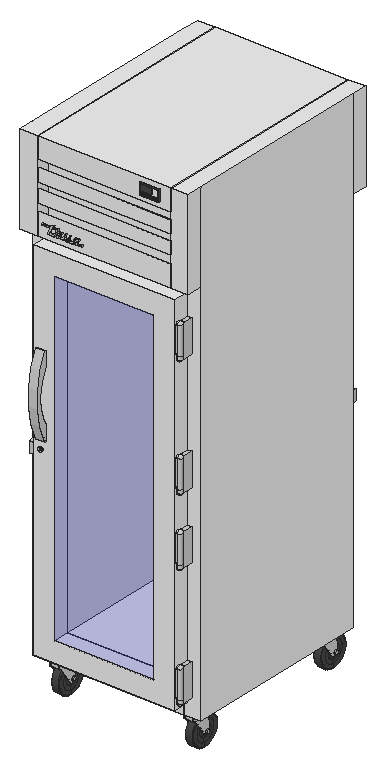
Revit family (continued)
Automatic sketch dimensions
  Extrusion 6 sketch curve to Extrusion 6 sketch curve = 0.04981"
  Extrusion 6 sketch curve to Extrusion 6 sketch curve = 0.09315"
  Extrusion 6 sketch curve to Extrusion 6 sketch curve = 0.04799"
  Extrusion 6 sketch curve to Extrusion 6 sketch curve = 0.02531"
  Extrusion 6 sketch curve to Extrusion 6 sketch curve = 0.03054"
  Extrusion 6 sketch curve to Extrusion 6 sketch curve = 0.2589"
  Extrusion 6 sketch curve to Extrusion 6 sketch curve = 0.0674"
  Extrusion 6 sketch curve to Extrusion 6 sketch curve = 0.0324"
  Extrusion 6 sketch curve to Extrusion 6 sketch curve = 0.26185"
  Extrusion 6 sketch curve to Extrusion 6 sketch curve = 11/256"
  Extrusion 6 sketch curve to Extrusion 6 sketch curve = 0.07366"
  Extrusion 6 sketch curve to Extrusion 6 sketch curve = 0.02187"
  Extrusion 6 sketch curve to Extrusion 6 sketch curve = 0.06479"
  Extrusion 6 sketch curve to Extrusion 6 sketch curve = 0.01183"
  Extrusion 6 sketch curve to Extrusion 6 sketch curve = 0.05778"
  Extrusion 6 sketch curve to Extrusion 6 sketch curve = 0.53375"
  Extrusion 6 sketch curve to Extrusion 6 sketch curve = 0.23098"
  Extrusion 6 sketch curve to Extrusion 6 sketch curve = 0"
  Extrusion 6 sketch curve to Extrusion 6 sketch curve = 0.05045"
  Extrusion 6 sketch curve to Extrusion 6 sketch curve = 0.09139"
  Extrusion 6 sketch curve to Extrusion 6 sketch curve = 29/128"  (x3)
  Extrusion 7 sketch curve to plane 3 "RIGHT" = 3 1/4"
  Extrusion 7 sketch curve to plane 5 "TOP" = 2 1/8"
  plane 2 "LEFT" to Blend 8 sketch curve = 2 9/32"
  Blend 8 sketch curve to Blend 8 sketch curve = 3/4"
  plane 6 to Blend 8 sketch curve = 32.83143"
  Blend 8 sketch curve to Blend 8 sketch curve = 1 3/4"
  Blend 8 sketch curve to plane 2 "LEFT" = 2 9/32"
  Blend 8 sketch curve to Blend 8 sketch curve = 0.93223"
  Blend 8 sketch curve to plane 6 = 30.48383"
  Blend 8 sketch curve to Blend 8 sketch curve = 2.78233"
  Extrusion 9 sketch curve to plane 4 "FRONT" = 11/16"
  Extrusion 9 sketch curve to Extrusion 9 sketch curve = 0.43503"
  Extrusion 9 sketch curve to Extrusion 9 sketch curve = 0.20453"
  Extrusion 9 sketch curve to Extrusion 9 sketch curve = 1.42294"
  Extrusion 9 sketch curve to plane 5 "TOP" = 19.57271"
  Extrusion 9 sketch curve to Extrusion 9 sketch curve = 4.39928"
  Extrusion 9 sketch curve to Extrusion 9 sketch curve = 0.71221"
  Revolve 10 sketch curve to plane 4 "FRONT" = 0.26521"  (x2)
  Revolve 10 sketch curve to Revolve 10 sketch curve = 0.38242"
  Revolve 10 sketch curve to Revolve 10 sketch curve = 0.38436"
  Revolve 10 sketch curve to plane 4 "FRONT" = 43/64"
  Revolve 10 sketch curve to Revolve 10 sketch curve = 0.40666"
  Revolve 10 sketch curve to Revolve 10 sketch curve = 0"
  Revolve 10 sketch curve to plane 5 "TOP" = 18.75492"
  Revolve 10 sketch curve to Revolve 10 sketch curve = 0.55526"
  Revolve 10 sketch curve to Revolve 10 sketch curve = 0.19474"
  Revolve 10 sketch curve to Revolve 10 sketch curve = 0.14649"
  Revolve 10 sketch curve to Revolve 10 sketch curve = 4.42889"
  Revolve 10 sketch curve to Revolve 10 sketch curve = 0.05342"
  Revolve 10 sketch curve to Revolve 10 sketch curve = 0.51246"
  Revolve 10 sketch curve to Revolve 10 sketch curve = 0.05889"
  Extrusion 11 sketch curve to plane 3 "RIGHT" = 1.88366"
  Extrusion 11 sketch curve to Extrusion 11 sketch curve = 0.39759"
  Extrusion 11 sketch curve to plane 5 "TOP" = 19.6514"
  Extrusion 11 sketch curve to Extrusion 11 sketch curve = 4.47281"
  Extrusion 12 sketch curve to plane 4 "FRONT" = 11/16"
  Extrusion 12 sketch curve to Extrusion 12 sketch curve = 0.43503"
  Extrusion 12 sketch curve to Extrusion 12 sketch curve = 0.20453"
  Extrusion 12 sketch curve to Extrusion 12 sketch curve = 1.42294"
  plane 6 to Extrusion 12 sketch curve = 38.92729"
  Extrusion 12 sketch curve to Extrusion 12 sketch curve = 4.39928"
  Extrusion 12 sketch curve to Extrusion 12 sketch curve = 0.71221"
  Revolve 13 sketch curve to plane 4 "FRONT" = 0.26521"  (x2)
  Revolve 13 sketch curve to Revolve 13 sketch curve = 0.38242"
  Revolve 13 sketch curve to Revolve 13 sketch curve = 0.38436"
  Revolve 13 sketch curve to plane 4 "FRONT" = 43/64"
  Revolve 13 sketch curve to Revolve 13 sketch curve = 0.40666"
  Revolve 13 sketch curve to Revolve 13 sketch curve = 0"
  Revolve 13 sketch curve to plane 5 "TOP" = 38.25492"
  Revolve 13 sketch curve to Revolve 13 sketch curve = 0.55526"
  Revolve 13 sketch curve to Revolve 13 sketch curve = 0.19474"
  Revolve 13 sketch curve to Revolve 13 sketch curve = 0.14649"
  Revolve 13 sketch curve to Revolve 13 sketch curve = 4.42889"
  Revolve 13 sketch curve to Revolve 13 sketch curve = 0.05342"
  Revolve 13 sketch curve to Revolve 13 sketch curve = 0.51246"
  Revolve 13 sketch curve to Revolve 13 sketch curve = 0.05889"
  Extrusion 14 sketch curve to plane 3 "RIGHT" = 1.88366"
  Extrusion 14 sketch curve to Extrusion 14 sketch curve = 0.39759"
  plane 6 to Extrusion 14 sketch curve = 38.8486"
  Extrusion 14 sketch curve to Extrusion 14 sketch curve = 4.47281"
  Extrusion 15 sketch curve to plane 4 "FRONT" = 11/16"
  Extrusion 15 sketch curve to Extrusion 15 sketch curve = 0.43503"
  Extrusion 15 sketch curve to Extrusion 15 sketch curve = 0.20453"
  Extrusion 15 sketch curve to Extrusion 15 sketch curve = 1.42294"
  plane 6 to Extrusion 15 sketch curve = 27.92729"
  Extrusion 15 sketch curve to Extrusion 15 sketch curve = 4.39928"
  Extrusion 15 sketch curve to Extrusion 15 sketch curve = 0.71221"
  Revolve 16 sketch curve to plane 4 "FRONT" = 0.26521"  (x2)
  Revolve 16 sketch curve to Revolve 16 sketch curve = 0.38242"
  Revolve 16 sketch curve to Revolve 16 sketch curve = 0.38436"
  Revolve 16 sketch curve to plane 4 "FRONT" = 43/64"
  Revolve 16 sketch curve to Revolve 16 sketch curve = 0.40666"
  Revolve 16 sketch curve to Revolve 16 sketch curve = 0"
  plane 6 to Revolve 16 sketch curve = 28.74508"
  Revolve 16 sketch curve to Revolve 16 sketch curve = 0.55526"
  Revolve 16 sketch curve to Revolve 16 sketch curve = 0.19474"
  Revolve 16 sketch curve to Revolve 16 sketch curve = 0.14649"
  Revolve 16 sketch curve to Revolve 16 sketch curve = 4.42889"
  Revolve 16 sketch curve to Revolve 16 sketch curve = 0.05342"
  Revolve 16 sketch curve to Revolve 16 sketch curve = 0.51246"
  Revolve 16 sketch curve to Revolve 16 sketch curve = 0.05889"
  Extrusion 17 sketch curve to plane 3 "RIGHT" = 1.88366"
  Extrusion 17 sketch curve to Extrusion 17 sketch curve = 0.39759"
  plane 6 to Extrusion 17 sketch curve = 27.8486"
  Extrusion 17 sketch curve to Extrusion 17 sketch curve = 4.47281"
  Extrusion 18 sketch curve to plane 4 "FRONT" = 11/16"
  Extrusion 18 sketch curve to Extrusion 18 sketch curve = 0.43503"
  Extrusion 18 sketch curve to Extrusion 18 sketch curve = 0.20453"
  Extrusion 18 sketch curve to Extrusion 18 sketch curve = 1.42294"
  plane 6 to Extrusion 18 sketch curve = 8.17729"
  plane 6 to Extrusion 18 sketch curve = 3.57348"
  Extrusion 18 sketch curve to Extrusion 18 sketch curve = 0.71221"
  Revolve 19 sketch curve to plane 4 "FRONT" = 0.26521"  (x2)
  Revolve 19 sketch curve to Revolve 19 sketch curve = 0.38242"
  Revolve 19 sketch curve to Revolve 19 sketch curve = 0.38436"
  Revolve 19 sketch curve to plane 4 "FRONT" = 43/64"
  Revolve 19 sketch curve to Revolve 19 sketch curve = 0.40666"
  Revolve 19 sketch curve to Revolve 19 sketch curve = 0"
  plane 6 to Revolve 19 sketch curve = 8.99508"
  Revolve 19 sketch curve to Revolve 19 sketch curve = 0.55526"
  Revolve 19 sketch curve to Revolve 19 sketch curve = 0.19474"
  Revolve 19 sketch curve to Revolve 19 sketch curve = 0.14649"
  plane 6 to Revolve 19 sketch curve = 3.62689"
  Revolve 19 sketch curve to Revolve 19 sketch curve = 0.05342"
  Revolve 19 sketch curve to Revolve 19 sketch curve = 0.51246"
  Revolve 19 sketch curve to Revolve 19 sketch curve = 0.05889"
  Extrusion 20 sketch curve to plane 3 "RIGHT" = 1.88366"
  Extrusion 20 sketch curve to Extrusion 20 sketch curve = 0.39759"
  plane 6 to Extrusion 20 sketch curve = 8.0986"
  plane 6 to Extrusion 20 sketch curve = 3.62579"
  Revolve 21 sketch curve to plane 3 "RIGHT" = 4.35148"
  Revolve 21 sketch curve to Revolve 21 sketch curve = 0.48273"
  Revolve 21 sketch curve to Revolve 21 sketch curve = 0.4"
  Revolve 21 sketch curve to Revolve 21 sketch curve = 0"  (x2)
  Revolve 21 sketch curve to Revolve 21 sketch curve = 0.1"  (x2)
  Revolve 21 sketch curve to Revolve 21 sketch curve = 0.16101"
  Revolve 21 sketch curve to Revolve 21 sketch curve = 0.75408"
  Revolve 21 sketch curve to Revolve 21 sketch curve = 0.92798"
  Revolve 21 sketch curve to Revolve 21 sketch curve = 0.06101"
  Revolve 21 sketch curve to Revolve 21 sketch curve = 1/2"
  Revolve 21 sketch curve to Revolve 21 sketch curve = 0.16509"
  Revolve 21 sketch curve to Revolve 21 sketch curve = 0.39592"
  level to Revolve 21 sketch curve = 2 1/2"
  Revolve 21 sketch curve to Revolve 21 sketch curve = 0.29941"  (x2)
  Revolve 21 sketch curve to Revolve 21 sketch curve = 3/4"  (x4)
  Revolve 21 sketch curve to Revolve 21 sketch curve = 0.59652"
  Revolve 21 sketch curve to Revolve 21 sketch curve = 0.60059"
  Extrusion 22 sketch curve to plane 6 = 0.63926"  (x2)
  Extrusion 22 sketch curve to plane 4 "FRONT" = 3.79864"
  Extrusion 22 sketch curve to Extrusion 22 sketch curve = 1/4"  (x2)
  level to Extrusion 22 sketch curve = 2.18736"  (x2)
  Extrusion 22 sketch curve to Extrusion 22 sketch curve = 1.7492"  (x2)
  Extrusion 22 sketch curve to Extrusion 22 sketch curve = 0.50669"  (x2)
  Extrusion 22 sketch curve to Extrusion 22 sketch curve = 2 1/2"  (x2)
  level to Extrusion 22 sketch curve = 2.59003"  (x2)
  Extrusion 22 sketch curve to Extrusion 22 sketch curve = 0.59966"  (x2)
  plane 7 to Extrusion 22 sketch curve = 6.6077"
  Extrusion 22 sketch curve to Extrusion 22 sketch curve = 0.60485"  (x2)
  Extrusion 23 sketch curve to plane 6 = 0.63926"  (x2)
  Extrusion 23 sketch curve to plane 4 "FRONT" = 3.79864"
  Extrusion 23 sketch curve to Extrusion 23 sketch curve = 1/4"  (x2)
  level to Extrusion 23 sketch curve = 2.18736"  (x2)
  Extrusion 23 sketch curve to Extrusion 23 sketch curve = 1.7492"  (x2)
  Extrusion 23 sketch curve to Extrusion 23 sketch curve = 0.50669"  (x2)
  Extrusion 23 sketch curve to Extrusion 23 sketch curve = 2 1/2"  (x2)
  level to Extrusion 23 sketch curve = 2.59003"  (x2)
  Extrusion 23 sketch curve to Extrusion 23 sketch curve = 0.59966"  (x2)
  plane 7 to Extrusion 23 sketch curve = 6.6077"
  Extrusion 23 sketch curve to Extrusion 23 sketch curve = 0.60485"  (x2)
  Revolve 24 sketch curve to plane 6 = 0"
  Revolve 24 sketch curve to plane 6 = 0.63926"
  Revolve 24 sketch curve to plane 3 "RIGHT" = 4.14082"
  Revolve 24 sketch curve to Revolve 24 sketch curve = 1.29707"
  Revolve 24 sketch curve to Revolve 24 sketch curve = 0"
  Revolve 24 sketch curve to Revolve 24 sketch curve = 0.09306"
  plane 6 to Revolve 24 sketch curve = 0.26768"
  Revolve 25 sketch curve to level = 0"
  Revolve 25 sketch curve to plane 6 = 0"
  Revolve 25 sketch curve to plane 3 "RIGHT" = 4.17713"
  level to Revolve 25 sketch curve = 1"
  Revolve 25 sketch curve to plane 3 "RIGHT" = 3 19/32"
  Revolve 25 sketch curve to Revolve 25 sketch curve = 1/4"
  Revolve 25 sketch curve to Revolve 25 sketch curve = 1/2"
  Revolve 25 sketch curve to Revolve 25 sketch curve = 0"
  Revolve 25 sketch curve to Revolve 25 sketch curve = 5/8"
  plane 6 to Revolve 25 sketch curve = 1 25/32"
  Revolve 26 sketch curve to level = 0"
  Revolve 26 sketch curve to plane 6 = 0"
  Revolve 26 sketch curve to plane 3 "RIGHT" = 4.17713"
  level to Revolve 26 sketch curve = 1"
  Revolve 26 sketch curve to plane 3 "RIGHT" = 3 19/32"
  Revolve 26 sketch curve to Revolve 26 sketch curve = 1/4"
  Revolve 26 sketch curve to Revolve 26 sketch curve = 1/2"
  Revolve 26 sketch curve to Revolve 26 sketch curve = 0"
  Revolve 26 sketch curve to Revolve 26 sketch curve = 5/8"
  plane 6 to Revolve 26 sketch curve = 1 25/32"
  Revolve 27 sketch curve to plane 6 = 0"
  Revolve 27 sketch curve to plane 6 = 0.63926"
  Revolve 27 sketch curve to plane 3 "RIGHT" = 4.14082"
  Revolve 27 sketch curve to Revolve 27 sketch curve = 1.29707"
  Revolve 27 sketch curve to Revolve 27 sketch curve = 0"
  Revolve 27 sketch curve to Revolve 27 sketch curve = 0.09306"
  plane 6 to Revolve 27 sketch curve = 0.26768"
  Extrusion 28 sketch curve to plane 6 = 0.63926"  (x2)
  Extrusion 28 sketch curve to plane 4 "FRONT" = 3.79864"
  Extrusion 28 sketch curve to Extrusion 28 sketch curve = 1/4"  (x2)
  Extrusion 28 sketch curve to Extrusion 28 sketch curve = 2 1/2"  (x2)
  Extrusion 28 sketch curve to plane 6 = 0.93273"  (x2)
  Extrusion 28 sketch curve to Extrusion 28 sketch curve = 0.03603"
  plane 7 to Extrusion 28 sketch curve = 6.6077"
  Extrusion 28 sketch curve to plane 6 = 1.24411"
  Revolve 29 sketch curve to plane 3 "RIGHT" = 4.35148"
  Revolve 29 sketch curve to Revolve 29 sketch curve = 0.48273"
  Revolve 29 sketch curve to Revolve 29 sketch curve = 0.4"
  Revolve 29 sketch curve to Revolve 29 sketch curve = 0"  (x2)
  Revolve 29 sketch curve to Revolve 29 sketch curve = 0.1"  (x2)
  Revolve 29 sketch curve to Revolve 29 sketch curve = 0.16101"
  Revolve 29 sketch curve to Revolve 29 sketch curve = 0.75408"
  Revolve 29 sketch curve to Revolve 29 sketch curve = 0.92798"
  Revolve 29 sketch curve to Revolve 29 sketch curve = 0.06101"
  Revolve 29 sketch curve to Revolve 29 sketch curve = 1/2"
  Revolve 29 sketch curve to Revolve 29 sketch curve = 0.16509"
  Revolve 29 sketch curve to Revolve 29 sketch curve = 0.39592"
  level to Revolve 29 sketch curve = 2 1/2"
  Revolve 29 sketch curve to Revolve 29 sketch curve = 0.29941"  (x2)
  Revolve 29 sketch curve to Revolve 29 sketch curve = 3/4"  (x4)
  Revolve 29 sketch curve to Revolve 29 sketch curve = 0.59652"
  Revolve 29 sketch curve to Revolve 29 sketch curve = 0.60059"
  plane 2 "LEFT" to Revolve 30 sketch curve = 1.33602"
  Revolve 30 sketch curve to Revolve 30 sketch curve = 0.48273"
  Revolve 30 sketch curve to Revolve 30 sketch curve = 0.4"
  Revolve 30 sketch curve to Revolve 30 sketch curve = 0"  (x2)
  Revolve 30 sketch curve to Revolve 30 sketch curve = 0.1"  (x2)
  Revolve 30 sketch curve to Revolve 30 sketch curve = 0.16101"
  Revolve 30 sketch curve to Revolve 30 sketch curve = 0.75408"
  Revolve 30 sketch curve to Revolve 30 sketch curve = 0.92798"
  Revolve 30 sketch curve to Revolve 30 sketch curve = 0.06101"
  Revolve 30 sketch curve to Revolve 30 sketch curve = 1/2"
  Revolve 30 sketch curve to Revolve 30 sketch curve = 0.16509"
  Revolve 30 sketch curve to Revolve 30 sketch curve = 0.39592"
  level to Revolve 30 sketch curve = 2 1/2"
  Revolve 30 sketch curve to Revolve 30 sketch curve = 0.29941"  (x2)
  Revolve 30 sketch curve to Revolve 30 sketch curve = 3/4"  (x4)
  Revolve 30 sketch curve to Revolve 30 sketch curve = 0.59652"
  Revolve 30 sketch curve to Revolve 30 sketch curve = 0.60059"
  Extrusion 31 sketch curve to plane 6 = 0.63926"  (x2)
  Extrusion 31 sketch curve to plane 4 "FRONT" = 3.79864"
  Extrusion 31 sketch curve to Extrusion 31 sketch curve = 1/4"  (x2)
  level to Extrusion 31 sketch curve = 2.18736"  (x2)
  Extrusion 31 sketch curve to Extrusion 31 sketch curve = 1.7492"  (x2)
  Extrusion 31 sketch curve to Extrusion 31 sketch curve = 0.50669"  (x2)
  Extrusion 31 sketch curve to Extrusion 31 sketch curve = 2 1/2"  (x2)
  level to Extrusion 31 sketch curve = 2.59003"  (x2)
  Extrusion 31 sketch curve to Extrusion 31 sketch curve = 0.59966"  (x2)
  plane 7 to Extrusion 31 sketch curve = 6.6077"
  Extrusion 31 sketch curve to Extrusion 31 sketch curve = 0.60485"  (x2)
  Extrusion 32 sketch curve to plane 6 = 0.63926"  (x2)
  Extrusion 32 sketch curve to plane 4 "FRONT" = 3.79864"
  Extrusion 32 sketch curve to Extrusion 32 sketch curve = 1/4"  (x2)
  level to Extrusion 32 sketch curve = 2.18736"  (x2)
  Extrusion 32 sketch curve to Extrusion 32 sketch curve = 1.7492"  (x2)
  Extrusion 32 sketch curve to Extrusion 32 sketch curve = 0.50669"  (x2)
  Extrusion 32 sketch curve to Extrusion 32 sketch curve = 2 1/2"  (x2)
  level to Extrusion 32 sketch curve = 2.59003"  (x2)
  Extrusion 32 sketch curve to Extrusion 32 sketch curve = 0.59966"  (x2)
  plane 7 to Extrusion 32 sketch curve = 6.6077"
  Extrusion 32 sketch curve to Extrusion 32 sketch curve = 0.60485"  (x2)
  Revolve 33 sketch curve to plane 6 = 0"
  Revolve 33 sketch curve to plane 6 = 0.63926"
  plane 2 "LEFT" to Revolve 33 sketch curve = 1.54668"
  Revolve 33 sketch curve to Revolve 33 sketch curve = 1.29707"
  Revolve 33 sketch curve to Revolve 33 sketch curve = 0"
  Revolve 33 sketch curve to Revolve 33 sketch curve = 0.09306"
  plane 6 to Revolve 33 sketch curve = 0.26768"
  Revolve 34 sketch curve to level = 0"
  Revolve 34 sketch curve to plane 6 = 0"
  plane 2 "LEFT" to Revolve 34 sketch curve = 1.51037"
  level to Revolve 34 sketch curve = 1"
  plane 2 "LEFT" to Revolve 34 sketch curve = 2 3/32"
  Revolve 34 sketch curve to Revolve 34 sketch curve = 1/4"
  Revolve 34 sketch curve to Revolve 34 sketch curve = 1/2"
  Revolve 34 sketch curve to Revolve 34 sketch curve = 0"
  Revolve 34 sketch curve to Revolve 34 sketch curve = 5/8"
  plane 6 to Revolve 34 sketch curve = 1 25/32"
  Revolve 35 sketch curve to level = 0"
  Revolve 35 sketch curve to plane 6 = 0"
  plane 2 "LEFT" to Revolve 35 sketch curve = 1.51037"
  level to Revolve 35 sketch curve = 1"
  plane 2 "LEFT" to Revolve 35 sketch curve = 2 3/32"
  Revolve 35 sketch curve to Revolve 35 sketch curve = 1/4"
  Revolve 35 sketch curve to Revolve 35 sketch curve = 1/2"
  Revolve 35 sketch curve to Revolve 35 sketch curve = 0"
  Revolve 35 sketch curve to Revolve 35 sketch curve = 5/8"
  plane 6 to Revolve 35 sketch curve = 1 25/32"
  Revolve 36 sketch curve to plane 6 = 0"
  Revolve 36 sketch curve to plane 6 = 0.63926"
  plane 2 "LEFT" to Revolve 36 sketch curve = 1.54668"
  Revolve 36 sketch curve to Revolve 36 sketch curve = 1.29707"
  Revolve 36 sketch curve to Revolve 36 sketch curve = 0"
  Revolve 36 sketch curve to Revolve 36 sketch curve = 0.09306"
  plane 6 to Revolve 36 sketch curve = 0.26768"
  Extrusion 37 sketch curve to plane 6 = 0.63926"  (x2)
  Extrusion 37 sketch curve to plane 4 "FRONT" = 3.79864"
  Extrusion 37 sketch curve to Extrusion 37 sketch curve = 1/4"  (x2)
  Extrusion 37 sketch curve to Extrusion 37 sketch curve = 2 1/2"  (x2)
  Extrusion 37 sketch curve to plane 6 = 0.93273"  (x2)
  Extrusion 37 sketch curve to Extrusion 37 sketch curve = 0.03603"
  plane 7 to Extrusion 37 sketch curve = 6.6077"
  Extrusion 37 sketch curve to plane 6 = 1.24411"
  plane 2 "LEFT" to Revolve 38 sketch curve = 1.33602"
  Revolve 38 sketch curve to Revolve 38 sketch curve = 0.48273"
  Revolve 38 sketch curve to Revolve 38 sketch curve = 0.4"
  Revolve 38 sketch curve to Revolve 38 sketch curve = 0"  (x2)
  Revolve 38 sketch curve to Revolve 38 sketch curve = 0.1"  (x2)
  Revolve 38 sketch curve to Revolve 38 sketch curve = 0.16101"
  Revolve 38 sketch curve to Revolve 38 sketch curve = 0.75408"
  Revolve 38 sketch curve to Revolve 38 sketch curve = 0.92798"
  Revolve 38 sketch curve to Revolve 38 sketch curve = 0.06101"
  Revolve 38 sketch curve to Revolve 38 sketch curve = 1/2"
  Revolve 38 sketch curve to Revolve 38 sketch curve = 0.16509"
  Revolve 38 sketch curve to Revolve 38 sketch curve = 0.39592"
  level to Revolve 38 sketch curve = 2 1/2"
  Revolve 38 sketch curve to Revolve 38 sketch curve = 0.29941"  (x2)
  Revolve 38 sketch curve to Revolve 38 sketch curve = 3/4"  (x4)
  Revolve 38 sketch curve to Revolve 38 sketch curve = 0.59652"
  Revolve 38 sketch curve to Revolve 38 sketch curve = 0.60059"
  Extrusion 39 sketch curve to plane 3 "RIGHT" = 2 55/64"
  Extrusion 39 sketch curve to plane 3 "RIGHT" = 3/64"
  plane 7 to Extrusion 39 sketch curve = 2 3/4"
  plane 7 to Extrusion 39 sketch curve = 3/16"
  plane 2 "LEFT" to Extrusion 40 sketch curve = 3/64"
  plane 7 to Extrusion 40 sketch curve = 3/16"
  Extrusion 40 sketch curve to Extrusion 40 sketch curve = 2 13/16"
  Extrusion 40 sketch curve to Extrusion 40 sketch curve = 2 9/16"
  plane 7 to Extrusion 41 sketch curve = 0.67295"
  Extrusion 41 sketch curve to Extrusion 41 sketch curve = 0.43503"
  Extrusion 41 sketch curve to Extrusion 41 sketch curve = 0.20453"
  Extrusion 41 sketch curve to Extrusion 41 sketch curve = 1 7/16"
  Extrusion 41 sketch curve to plane 5 "TOP" = 19.57271"
  Extrusion 41 sketch curve to Extrusion 41 sketch curve = 4.39928"
  Extrusion 41 sketch curve to Extrusion 41 sketch curve = 0.71221"
  plane 7 to Revolve 42 sketch curve = 0.25067"  (x2)
  Revolve 42 sketch curve to Revolve 42 sketch curve = 0.38242"
  Revolve 42 sketch curve to Revolve 42 sketch curve = 0.38436"
  plane 7 to Revolve 42 sketch curve = 0.65733"
  Revolve 42 sketch curve to Revolve 42 sketch curve = 0.40666"
  Revolve 42 sketch curve to Revolve 42 sketch curve = 0"
  Revolve 42 sketch curve to plane 5 "TOP" = 18.75492"
  Revolve 42 sketch curve to Revolve 42 sketch curve = 0.55526"
  Revolve 42 sketch curve to Revolve 42 sketch curve = 0.19474"
  Revolve 42 sketch curve to Revolve 42 sketch curve = 0.14649"
  Revolve 42 sketch curve to Revolve 42 sketch curve = 4.42889"
  Revolve 42 sketch curve to Revolve 42 sketch curve = 0.05342"
  Revolve 42 sketch curve to Revolve 42 sketch curve = 0.51246"
  Revolve 42 sketch curve to Revolve 42 sketch curve = 0.05889"
  plane 2 "LEFT" to Extrusion 43 sketch curve = 1.88366"
  Extrusion 43 sketch curve to Extrusion 43 sketch curve = 0.39759"
  Extrusion 43 sketch curve to plane 5 "TOP" = 19.6514"
  Extrusion 43 sketch curve to Extrusion 43 sketch curve = 4.47281"
  plane 7 to Extrusion 44 sketch curve = 0.67295"
  Extrusion 44 sketch curve to Extrusion 44 sketch curve = 0.43503"
  Extrusion 44 sketch curve to Extrusion 44 sketch curve = 0.20453"
  Extrusion 44 sketch curve to Extrusion 44 sketch curve = 1 7/16"
  plane 6 to Extrusion 44 sketch curve = 38.92729"
  Extrusion 44 sketch curve to Extrusion 44 sketch curve = 4.39928"
  Extrusion 44 sketch curve to Extrusion 44 sketch curve = 0.71221"
  plane 7 to Revolve 45 sketch curve = 0.25067"  (x2)
  Revolve 45 sketch curve to Revolve 45 sketch curve = 0.38242"
  Revolve 45 sketch curve to Revolve 45 sketch curve = 0.38436"
  plane 7 to Revolve 45 sketch curve = 0.65733"
  Revolve 45 sketch curve to Revolve 45 sketch curve = 0.40666"
  Revolve 45 sketch curve to Revolve 45 sketch curve = 0"
  Revolve 45 sketch curve to plane 5 "TOP" = 38.25492"
  Revolve 45 sketch curve to Revolve 45 sketch curve = 0.55526"
  Revolve 45 sketch curve to Revolve 45 sketch curve = 0.19474"
  Revolve 45 sketch curve to Revolve 45 sketch curve = 0.14649"
  Revolve 45 sketch curve to Revolve 45 sketch curve = 4.42889"
  Revolve 45 sketch curve to Revolve 45 sketch curve = 0.05342"
  Revolve 45 sketch curve to Revolve 45 sketch curve = 0.51246"
  Revolve 45 sketch curve to Revolve 45 sketch curve = 0.05889"
  plane 2 "LEFT" to Extrusion 46 sketch curve = 1.88366"
  Extrusion 46 sketch curve to Extrusion 46 sketch curve = 0.39759"
  plane 6 to Extrusion 46 sketch curve = 38.8486"
  Extrusion 46 sketch curve to Extrusion 46 sketch curve = 4.47281"
  plane 7 to Extrusion 47 sketch curve = 0.67295"
  Extrusion 47 sketch curve to Extrusion 47 sketch curve = 0.43503"
  Extrusion 47 sketch curve to Extrusion 47 sketch curve = 0.20453"
  Extrusion 47 sketch curve to Extrusion 47 sketch curve = 1 7/16"
  plane 6 to Extrusion 47 sketch curve = 27.92729"
  Extrusion 47 sketch curve to Extrusion 47 sketch curve = 4.39928"
  Extrusion 47 sketch curve to Extrusion 47 sketch curve = 0.71221"
  plane 7 to Revolve 48 sketch curve = 0.25066"  (x2)
  Revolve 48 sketch curve to Revolve 48 sketch curve = 0.38242"
  Revolve 48 sketch curve to Revolve 48 sketch curve = 0.38436"
  plane 7 to Revolve 48 sketch curve = 0.65733"
  Revolve 48 sketch curve to Revolve 48 sketch curve = 0.40666"
  Revolve 48 sketch curve to Revolve 48 sketch curve = 0"
  plane 6 to Revolve 48 sketch curve = 28.74508"
  Revolve 48 sketch curve to Revolve 48 sketch curve = 0.55526"
  Revolve 48 sketch curve to Revolve 48 sketch curve = 0.19474"
  Revolve 48 sketch curve to Revolve 48 sketch curve = 0.14649"
  Revolve 48 sketch curve to Revolve 48 sketch curve = 4.42889"
  Revolve 48 sketch curve to Revolve 48 sketch curve = 0.05342"
  Revolve 48 sketch curve to Revolve 48 sketch curve = 0.51246"
  Revolve 48 sketch curve to Revolve 48 sketch curve = 0.05889"
  plane 2 "LEFT" to Extrusion 49 sketch curve = 1.88366"
  Extrusion 49 sketch curve to Extrusion 49 sketch curve = 0.39759"
  plane 6 to Extrusion 49 sketch curve = 27.8486"
  Extrusion 49 sketch curve to Extrusion 49 sketch curve = 4.47281"
  plane 7 to Extrusion 50 sketch curve = 0.67295"
  Extrusion 50 sketch curve to Extrusion 50 sketch curve = 0.43503"
  Extrusion 50 sketch curve to Extrusion 50 sketch curve = 0.20453"
  Extrusion 50 sketch curve to Extrusion 50 sketch curve = 1 7/16"
  plane 6 to Extrusion 50 sketch curve = 8.17729"
  plane 6 to Extrusion 50 sketch curve = 3.57348"
  Extrusion 50 sketch curve to Extrusion 50 sketch curve = 0.71221"
  plane 7 to Revolve 51 sketch curve = 0.25066"  (x2)
  Revolve 51 sketch curve to Revolve 51 sketch curve = 0.38242"
  Revolve 51 sketch curve to Revolve 51 sketch curve = 0.38436"
  plane 7 to Revolve 51 sketch curve = 0.65733"
  Revolve 51 sketch curve to Revolve 51 sketch curve = 0.40666"
  Revolve 51 sketch curve to Revolve 51 sketch curve = 0"
  plane 6 to Revolve 51 sketch curve = 8.99508"
  Revolve 51 sketch curve to Revolve 51 sketch curve = 0.55526"
  Revolve 51 sketch curve to Revolve 51 sketch curve = 0.19474"
  Revolve 51 sketch curve to Revolve 51 sketch curve = 0.14649"
  plane 6 to Revolve 51 sketch curve = 3.62689"
  Revolve 51 sketch curve to Revolve 51 sketch curve = 0.05342"
  Revolve 51 sketch curve to Revolve 51 sketch curve = 0.51246"
  Revolve 51 sketch curve to Revolve 51 sketch curve = 0.05889"
  plane 2 "LEFT" to Extrusion 52 sketch curve = 1.88366"
  Extrusion 52 sketch curve to Extrusion 52 sketch curve = 0.39759"
  plane 6 to Extrusion 52 sketch curve = 8.0986"
  plane 6 to Extrusion 52 sketch curve = 3.62579"
  Blend 53 sketch curve to plane 3 "RIGHT" = 2 9/32"  (x2)
  Blend 53 sketch curve to Blend 53 sketch curve = 3/4"
  plane 6 to Blend 53 sketch curve = 33.35643"
  Blend 53 sketch curve to Blend 53 sketch curve = 1 3/4"
  Blend 53 sketch curve to Blend 53 sketch curve = 0.93223"
  plane 6 to Blend 53 sketch curve = 33.79117"
  Blend 53 sketch curve to Blend 53 sketch curve = 2.78233"
  Extrusion 54 sketch curve to plane 5 "TOP" = 2.55982"
  Extrusion 54 sketch curve to plane 3 "RIGHT" = 7.7246"
  Extrusion 54 sketch curve to Extrusion 54 sketch curve = 2 29/32"
  Extrusion 54 sketch curve to plane 5 "TOP" = 13/16"
  Extrusion 55 sketch curve to plane 5 "TOP" = 3/4"
  Extrusion 55 sketch curve to plane 3 "RIGHT" = 7.7871"
  Extrusion 55 sketch curve to Extrusion 55 sketch curve = 1/16"  (x4)
  Extrusion 55 sketch curve to Extrusion 55 sketch curve = 0.1375"  (x2)
  Extrusion 55 sketch curve to Extrusion 55 sketch curve = 1/4"  (x4)
  Extrusion 55 sketch curve to Extrusion 55 sketch curve = 0.44601"
  Extrusion 55 sketch curve to Extrusion 55 sketch curve = 1/2"  (x2)
  Extrusion 55 sketch curve to Extrusion 55 sketch curve = 0.0035"
  Extrusion 55 sketch curve to Extrusion 55 sketch curve = 1.06923"
  Extrusion 55 sketch curve to plane 5 "TOP" = 0.95"
  Extrusion 55 sketch curve to Extrusion 55 sketch curve = 1"
  Extrusion 55 sketch curve to Extrusion 55 sketch curve = 0.34106"  (x3)
  Extrusion 55 sketch curve to Extrusion 55 sketch curve = 0"
  Extrusion 55 sketch curve to Extrusion 55 sketch curve = 0.26876"
  plane 7 to Extrusion 56 sketch curve = 3/16"
  plane 2 "LEFT" to Extrusion 56 sketch curve = 2 9/32"  (x2)
  Extrusion 56 sketch curve to plane 4 "FRONT" = 3/16"
  Extrusion 56 sketch curve to Extrusion 56 sketch curve = 0.01713"
  Extrusion 56 sketch curve to plane 4 "FRONT" = 0.06697"
  Extrusion 56 sketch curve to plane 3 "RIGHT" = 2.30833"
  Extrusion 56 sketch curve to Extrusion 56 sketch curve = 0.02708"
  Extrusion 56 sketch curve to plane 3 "RIGHT" = 2 9/32"
  plane 7 to Extrusion 56 sketch curve = 0.07688"
  plane 2 "LEFT" to Extrusion 57 sketch curve = 2 9/32"
  Extrusion 57 sketch curve to plane 3 "RIGHT" = 2 9/32"
  Extrusion 57 sketch curve to plane 5 "TOP" = 16 5/32"
  plane 6 to Extrusion 57 sketch curve = 1 29/32"
  plane 2 "LEFT" to Extrusion 58 sketch curve = 2 9/32"
  Extrusion 58 sketch curve to Extrusion 58 sketch curve = 3 11/32"  (x3)
  Extrusion 58 sketch curve to plane 3 "RIGHT" = 5 5/8"
  Extrusion 58 sketch curve to plane 3 "RIGHT" = 2 9/32"
  plane 6 to Extrusion 58 sketch curve = 1 29/32"
  Extrusion 58 sketch curve to plane 5 "TOP" = 19 1/2"
  plane 2 "LEFT" to Extrusion 59 sketch curve = 5 5/8"
  Extrusion 59 sketch curve to plane 3 "RIGHT" = 5 5/8"
  plane 6 to Extrusion 59 sketch curve = 5 1/4"
  Extrusion 59 sketch curve to plane 5 "TOP" = 19 1/2"
  plane 7 to Extrusion 60 sketch curve = 3/16"  (x2)
  Extrusion 60 sketch curve to plane 3 "RIGHT" = 6.95"
  Extrusion 60 sketch curve to Extrusion 60 sketch curve = 2.37851"  (x2)
  Extrusion 60 sketch curve to Extrusion 60 sketch curve = 4.42149"
  Extrusion 60 sketch curve to Extrusion 60 sketch curve = 0"
  Extrusion 60 sketch curve to plane 7 = 0.0247"
  plane 7 to Extrusion 60 sketch curve = 7.95429"
  Extrusion 60 sketch curve to Extrusion 60 sketch curve = 7.30945"
  Extrusion 61 sketch curve to plane 3 "RIGHT" = 3.04215"
  Extrusion 61 sketch curve to Extrusion 61 sketch curve = 0.02035"
  Extrusion 61 sketch curve to Extrusion 61 sketch curve = 0.0555"
  plane 6 to Extrusion 61 sketch curve = 31.58145"
  Extrusion 61 sketch curve to Extrusion 61 sketch curve = 0.29355"
  Extrusion 61 sketch curve to Extrusion 61 sketch curve = 0.27385"
  plane 4 "FRONT" to Extrusion 62 sketch curve = 0.02083"  (x2)
  Extrusion 62 sketch curve to plane 4 "FRONT" = 3/16"  (x2)
  Extrusion 62 sketch curve to plane 4 "FRONT" = 7.38715"
  Extrusion 62 sketch curve to Extrusion 62 sketch curve = 7 49/256"
  plane 6 to Extrusion 62 sketch curve = 33.80224"
  Extrusion 62 sketch curve to Extrusion 62 sketch curve = 2.38595"
  Extrusion 62 sketch curve to Extrusion 62 sketch curve = 4.27543"
  Extrusion 62 sketch curve to Extrusion 62 sketch curve = 0"
  plane 2 "LEFT" to Extrusion 63 sketch curve = 3.35465"
  Extrusion 63 sketch curve to Extrusion 63 sketch curve = 0.02035"
  Extrusion 63 sketch curve to Extrusion 63 sketch curve = 0.0555"
  plane 6 to Extrusion 63 sketch curve = 32.13369"
  Extrusion 63 sketch curve to Extrusion 63 sketch curve = 0.29355"
  Extrusion 63 sketch curve to Extrusion 63 sketch curve = 0.27385"
  plane 2 "LEFT" to Extrusion 64 sketch curve = 2 27/32"
  Extrusion 64 sketch curve to plane 4 "FRONT" = 5.09023"
  plane 2 "LEFT" to Extrusion 65 sketch curve = 2 27/32"
  plane 7 to Extrusion 65 sketch curve = 5.44102"
  Extrusion 66 sketch curve to plane 3 "RIGHT" = 2 27/32"
  plane 7 to Extrusion 66 sketch curve = 5.44102"
  Extrusion 67 sketch curve to plane 3 "RIGHT" = 2 27/32"
  Extrusion 67 sketch curve to plane 4 "FRONT" = 5.09023"
  radius of Extrusion 7 sketch curve = 1/4"
  radius of Extrusion 61 sketch curve = 0.35"
  radius of Extrusion 63 sketch curve = 0.35"
  radius of Extrusion 64 sketch curve = 1 1/2"
  radius of Extrusion 65 sketch curve = 1 1/2"
  radius of Extrusion 66 sketch curve = 1 1/2"
  radius of Extrusion 67 sketch curve = 1 1/2"
Connectors (in)
  electrical at (24.25, 2.5625, 82), driven by "Volts", driven by "Watts"
    settings: on Extrusion 7, index 1, voltage 208 V, apparent load 1500 VA, apparent load phase1 0 VA, apparent load phase2 0 VA, apparent load phase3 0 VA, power factor 1, load classification "Other", number of poles 1, system type 30, power factor state 1, is connector primary yes, connector utility no, sub classification motor no, connector description "Electrical Connection"
